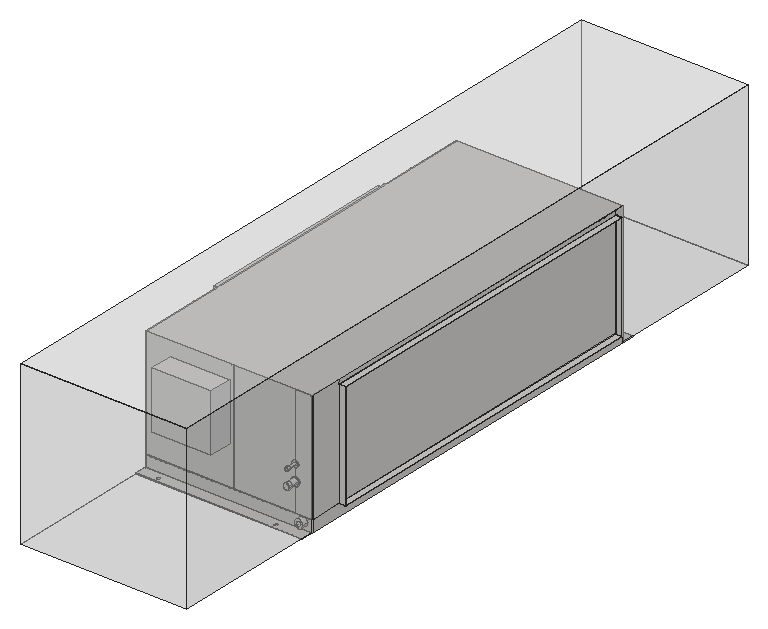
Revit family "outputfile", category 機械設備, Revit 2024
Family settings
  丸型コネクタ寸法 = 半径を使用
  パーツ タイプ = 標準
  OmniClass 番号 = 23.75.10.24.21.27.27
  OmniClass タイトル = Split System Air Conditioning Units
  作業面ベース = いいえ
  常に垂直 = はい
  ロード時にボイドで切り取り = いいえ
  注釈の向きを維持 = いいえ
  共有 = いいえ
  部屋計算ポイント = はい
Parameters (values of type "FDR300QY14")
  Description = ""
  書き出し IFC クラス(タイプ) = "IfcUnitaryEquipmentType"
  定義済み IFC タイプ(タイプ) = "AIRCONDITIONINGUNIT"
  Cost = 0
  Type Comments = ""
  Keynote = ""
  Type Image = (empty or 0)
  Assembly Code = ""
  angle_Drain Pipe [instance] = if(Rear Connection_drainpipe, -90.00°, 90.00°)  # 90.00°
  製造元 = "Daikin"
  モデル = "FDR300QY14"
  w2 = if(Depth = 2195.0 mm, 0.0 mm, if(Depth = 1980.0 mm, 0.0 mm, 352.0 mm))  # 0.0 mm
  w1 = if(Depth = 2195.0 mm, 0.0 mm, if(Depth = 1980.0 mm, 1.0 mm, 20.0 mm))  # 1.0 mm
  switch_frequency = yes
  r_Liquid Pipe Size = Liquid Pipe Size / 2  # 6.35 mm
  r_Gas Pipe Size = Gas Pipe Size / 2  # 14.3 mm
  r_Drain Pipe Size = Drain Pipe Size / 2  # 12.7 mm
  r_D = if(Depth = 2195.0 mm, 41.5 mm, if(Depth = 1980.0 mm, 41.5 mm, 34.5 mm))  # 41.5 mm
  lw_power = if(Depth = 2195.0 mm, Width / 2 - 249.0 mm, if(Depth = 1980.0 mm, Width / 2 - 128.0 mm, Width / 2 - 138.0 mm))  # 297.0 mm
  lw_mountinghole = if(Depth = 2195.0 mm, 100.0 mm, if(Depth = 1980.0 mm, 100.0 mm, if(Depth = 1330.0 mm, 59.0 mm, 59.0 mm)))  # 100.0 mm
  lh_SA = if(Depth = 2195.0 mm, 263.0 mm + SA Duct Size Height / 2, if(Depth = 1980.0 mm, 257.0 mm + SA Duct Size Height / 2, 156.0 mm + SA Duct Size Height / 2))  # 431.5 mm
  ld_SA = if(Depth = 2195.0 mm, 570.0 mm + SA Duct Size Width / 2, if(Depth = 1980.0 mm, 479.0 mm + SA Duct Size Width / 2, 128.0 mm + SA Duct Size Width / 2))  # 1001.5 mm
  ld_RA = if(Depth = 2195.0 mm, 171.0 mm + RA Duct Size Width / 2, if(Depth = 1980.0 mm, 169.0 mm + RA Duct Size Width / 2, 128.0 mm + RA Duct Size Width / 2))  # 1051.0 mm
  lh_power = if(Depth = 2195.0 mm, 490.0 mm, if(Depth = 1980.0 mm, 300.0 mm, 200.0 mm))  # 300.0 mm
  lh_RA = if(Depth = 2195.0 mm, 60.0 mm + RA Duct Size Height / 2, if(Depth = 1980.0 mm, 61.0 mm + RA Duct Size Height / 2, 156.0 mm + RA Duct Size Height / 2))  # 333.0 mm
  ld_power = if(Depth = 2195.0 mm, 75.8 mm, if(Depth = 1980.0 mm, 70.0 mm, 76.6 mm))  # 70.0 mm
  l_SA = if(Depth = 2195.0 mm, 36.0 mm, if(Depth = 1980.0 mm, 35.0 mm, 39.0 mm))  # 35.0 mm
  l_RA = if(Depth = 2195.0 mm, 36.0 mm, if(Depth = 1980.0 mm, 35.0 mm, 39.0 mm))  # 35.0 mm
  d = if(Depth = 1330.0 mm, 20.0 mm, 0.0 mm)  # 0.0 mm
  connector_voltage = Voltage_50Hz  # 400 V
  connector_powerinput = [Power Input (Cooling)]  # 11.190 kW
  connector_phase = Phase_50Hz  # 3
  Voltage_comment_50Hz = "380 - 415"
  Voltage_50Hz = 400 V
  URL = ""
  Supply Air Direction [instance] = yes
  Sound Power Level_H speed (dB) = 0
  Rear Connection_drainpipe [instance] = not(Front Connection_drainpipe)  # no
  Phase_50Hz = 3
  Minimum External Static Pressure = 0.00 Pa
  Minimum Circuit Amps_50Hz = 4.4 A
  Maximum Fuse Amps_50Hz = 16.0 A
  Maximum External Static Pressure = 150.00 Pa
  Material_Casing = DAIKIN_GalvanizedSteel_Casing_indoorunit
  lw_mountinghole_pitch = if(Depth = 2195.0 mm, 600.0 mm, if(Depth = 1980.0 mm, 600.0 mm, if(Depth = 1330.0 mm, 732.0 mm, 732.0 mm)))  # 600.0 mm
  lh_gaspipe = if(Depth = 2195.0 mm, 205.0 mm, if(Depth = 1980.0 mm, 205.0 mm, 187.0 mm))  # 205.0 mm
  lh_mountinghole = if(Depth = 2195.0 mm, 0.0 mm, if(Depth = 1980.0 mm, 0.0 mm, if(Depth = 1330.0 mm, 495.0 mm, 495.0 mm)))  # 0.0 mm
  lh_liquidpipe = if(Depth = 2195.0 mm, 285.0 mm, if(Depth = 1980.0 mm, 285.0 mm, 187.0 mm))  # 285.0 mm
  lh_drainpipe = if(Depth = 2195.0 mm, 38.0 mm, if(Depth = 1980.0 mm, 38.0 mm, 32.0 mm))  # 38.0 mm
  l_antena = Height - lh_mountinghole + 1.0 mm  # 626.0 mm
  ld_drainpipe = if(Depth = 2195.0 mm, Depth / 2 + 29.0 mm, if(Depth = 1980.0 mm, Depth / 2 + 29.0 mm, Depth / 2 + 9.0 mm))  # 1019.0 mm
  ld_liquidpipe = if(Depth = 2195.0 mm, Depth / 2 + 55.0 mm, if(Depth = 1980.0 mm, Depth / 2 + 55.0 mm, Depth / 2 + 60.0 mm))  # 1045.0 mm
  ld_gaspipe = if(Depth = 2195.0 mm, Depth / 2 + 55.0 mm, if(Depth = 1980.0 mm, Depth / 2 + 55.0 mm, Depth / 2 + 58.0 mm))  # 1045.0 mm
  ld_mountinghole_pitch = if(Depth = 2195.0 mm, 2280.0 mm, if(Depth = 1980.0 mm, 2070.0 mm, 1386.0 mm))  # 2070.0 mm
  h*** = 0.0 mm  # constant formula
  lw_liquidpipe = if(Depth = 2195.0 mm, 83.0 mm, if(Depth = 1980.0 mm, 87.0 mm, 126.0 mm))  # 87.0 mm
  lw_gaspipe = if(Depth = 2195.0 mm, 83.0 mm, if(Depth = 1980.0 mm, 87.0 mm, 47.0 mm))  # 87.0 mm
  lw_drainpipe = if(Depth = 2195.0 mm, 43.0 mm, if(Depth = 1980.0 mm, 45.0 mm, 46.0 mm))  # 45.0 mm
  Width = 850.0 mm
  Version = "ver.1.0"
  Unit Type = "Duct"
  Unit Mass Weight = 177.00 kg
  Unit Designation [instance] = ""
  Uniclass2015Version = "Products v1.30"
  Uniclass2015Title = "Split coil room air conditioning units"
  Uniclass2015Code = "Pr_70_65_03_86"
  Total Cooling Capacity [instance] = 0.000 kW
  Sound Pressure Level_M speed (dBA) = 0
  Sound Pressure Level_L speed (dBA) = 0
  Sound Pressure Level_H speed (dBA) = 59
  Series = "Package Aircon_Fan Coil Unit"
  Sensible Cooling Capacity [instance] = 0.000 kW
  SA Duct Size Width = 1045.0 mm
  SA Duct Size Height = 349.0 mm
  Refrigerant Type = "R410A"
  RA Duct Size Width = 1764.0 mm
  RA Duct Size Height = 544.0 mm
  Power Input (Cooling) = 11.190 kW
  Option Accessory 3 [instance] = ""
  Option Accessory 2 [instance] = ""
  Option Accessory 1 [instance] = ""
  Nominal Cooling Capacity = 34.700 kW
  Minimum Airflow = 0.00 m³/h
  Median Airflow = 0.00 m³/h
  Maximum Airflow = 7200.00 m³/h
  Load Classification = HVAC
  Liquid Pipe Size = 12.7 mm
  Link_Nested Family [instance] = ""
  Front Connection_drainpipe [instance] = yes
  IfcVersion = ""
  IfcExportType = "AIRCONDITIONINGUNIT"
  IfcExportAs = "IfcUnitaryEquipmentType"
  Height = 625.0 mm
  Heat Exchanger Type = "Cross Fin Coil"
  Gas Pipe Size = 28.6 mm
  Frequency_50Hz = 50 Hz
  Fan Type = "Sirocco Fan"
  Fan Drive = "-"
  FCU Tag No. [instance] = ""
  Drain Pipe Size = 25.4 mm
  Design Supply Airflow [instance] = 0.00 m³/h
  Design Return Airflow [instance] = 0.00 m³/h
  Design External Static Pressure [instance] = 0.00 Pa
  Depth = 1980.0 mm
  既定の高さ = 0.0 mm
  Cooling Entering Wet Bulb Temperature [instance] = 0.00 °C
  Cooling Entering Dry Bulb Temperature [instance] = 0.00 °C
  Cooling Ambient Wet Bulb Temperature [instance] = 0.00 °C
  Cooling Ambient Dry Bulb Temperature [instance] = 0.00 °C
  Clearance visibility [instance] = yes
  Clearance Top = 200.0 mm
  Clearance Right = 0.0 mm
  Clearance Rear = 800.0 mm
  Clearance Left = 0.0 mm
  Clearance Front = 800.0 mm
  Clearance Bottom = 0.0 mm
  A = if(Depth = 2195.0 mm, 60.0 mm, if(Depth = 1980.0 mm, 61.0 mm, 63.0 mm))  # 61.0 mm
  300-500 = not([200/250])  # yes
  200/250 = Depth = 1330.0 mm  # no
Reference planes
  plane 1 "Center (Front/Back)": y = 0
  plane 2 "h": z = 0
  plane 3 "Center (Left/Right)": x = 0
  plane 4 "Back": y = 990
  plane 5 "Front": y = -990
  plane 6 "Left": x = -425
  plane 7 "Right": x = 425
  plane 8 "Top": z = 0
  plane 9 "Bottom": z = -625
  plane 10: y = 1790
  plane 11: y = -1790
  plane 12: x = -425
  plane 13: x = 425
  plane 14: z = 200
  plane 15: z = -625
  plane 16 "ld_RA": y = 61
  plane 17 "lh_RA": z = -292
  plane 18 "ld_gaspipe": y = -1045
  plane 19 "ld_drainpipe": y = -1019
  plane 20 "lw_drainpipe": x = 380
  plane 21 "lw_liquidpipe": x = 338
  plane 22 "lw_gaspipe": x = 338
  plane 23 "lw_mountinghole": x = -325
  plane 24 "lw_mountinghole1": x = 275
  plane 25 "ld_mountinghole": y = -1035
  plane 26 "ld_mountinghole1": y = 1035
  plane 27 "lh_mountinghole": z = -625
  plane 28 "lh_SA": z = -193.5
  plane 29 "ld_liquidpipe": y = -1045
  plane 30 "ld_power": y = -1060
  plane 31 "ld_drainpipe1": y = 1019
  plane 32 "ld_SA": y = 11.5
  plane 33 "A": z = -564
  plane 34: y = 990
  plane 35: y = -990
  plane 36: x = -424
  plane 37: x = 425
  plane 38: z = -587
  plane 39: z = -587
Forms (mm)
  Extrusion 1, solid, material "DAIKIN_GalvanizedSteel_Casing_indoorunit" <- "Material_Casing"
    sketch origin (0, 0, -625) x (-1, 0, 0) y (0, -1, 0)
      loop
        line (424, -990) -> (424, 990) -> (-425, 990) -> (-425, -990) -> (424, -990)
    from 625 to 61
  Extrusion 2, solid, material "DAIKIN_GalvanizedSteel_Casing_indoorunit" <- "Material_Casing"
    sketch origin (0, 0, -625) x (-1, 0, 0) y (0, -1, 0)
      loop
        line (424, -990) -> (424, 990) -> (-425, 990) -> (-425, -990) -> (424, -990)
    from 0 to 61
  Extrusion 3, solid, material "DAIKIN_GalvanizedSteel_Casing_indoorunit" <- "Material_Casing", visible <- "200/250"
    sketch origin (0, 0, 0) x (1, 0, 0) y (0, 0, 1)
      loop
        line (84.8, -564) -> (84.8, -625) -> (419.6, -625) -> (419.6, -564) -> (84.8, -564)
    from -990 to 990
  Extrusion 4, solid, material "DAIKIN_GalvanizedSteel_Casing_indoorunit" <- "Material_Casing", visible <- "Front Connection_drainpipe"
    sketch origin (425, -990, -625) x (-1, 0, 0) y (0, 0, -1)
      loop
        circle (45, -38) r 20.75
      loop
        circle (45, -38) r 12.7
    from 0 to 29
  Extrusion 5, solid, material "DAIKIN_GalvanizedSteel_Casing_indoorunit" <- "Material_Casing", visible <- "Rear Connection_drainpipe"
    sketch origin (-424, 990, -625) x (1, 0, 0) y (0, 0, -1)
      loop
        circle (804, -38) r 20.75
      loop
        circle (804, -38) r 12.7
    from 0 to 29
Dimensions and locks
  "Height": plane 8 "Top" to plane 9 "Bottom"
  equal spacing: plane 4 "Back", plane 1 "Center (Front/Back)", plane 5 "Front"
  "Depth": plane 4 "Back" to plane 5 "Front"
  equal spacing: plane 6 "Left", plane 3 "Center (Left/Right)", plane 7 "Right"
  "Width": plane 6 "Left" to plane 7 "Right"
  "Clearance Left": plane 12 to plane 6 "Left"
  "Clearance Right": plane 7 "Right" to plane 13
  "Clearance Rear": plane 10 to plane 4 "Back"
  "Clearance Front": plane 5 "Front" to plane 11
  "Clearance Top": plane 14 to plane 8 "Top"
  "Clearance Bottom": plane 9 "Bottom" to plane 15
  "ld_RA": plane 16 "ld_RA" to plane 5 "Front"
  "lh_RA": plane 17 "lh_RA" to plane 9 "Bottom"
  "lw_drainpipe": plane 20 "lw_drainpipe" to plane 7 "Right"
  "lw_liquidpipe": plane 21 "lw_liquidpipe" to plane 7 "Right"
  "lw_gaspipe": plane 22 "lw_gaspipe" to plane 7 "Right"
  "lw_mountinghole_pitch": plane 23 "lw_mountinghole" to plane 24 "lw_mountinghole1"
  equal spacing: plane 25 "ld_mountinghole", plane 1 "Center (Front/Back)", plane 26 "ld_mountinghole1"
  "ld_mountinghole_pitch": plane 26 "ld_mountinghole1" to plane 25 "ld_mountinghole"
  "lh_mountinghole": plane 27 "lh_mountinghole" to plane 9 "Bottom"
  "lh_SA": plane 28 "lh_SA" to plane 9 "Bottom"
  "h***": plane 8 "Top" to plane 2 "h"
  "lw_mountinghole": plane 6 "Left" to plane 23 "lw_mountinghole"
  "ld_drainpipe": plane 31 "ld_drainpipe1" to plane 1 "Center (Front/Back)"
  "ld_drainpipe": plane 1 "Center (Front/Back)" to plane 19 "ld_drainpipe"
  "ld_power": plane 5 "Front" to plane 30 "ld_power"
  "ld_liquidpipe": plane 29 "ld_liquidpipe" to plane 1 "Center (Front/Back)"
  "ld_gaspipe": plane 18 "ld_gaspipe" to plane 1 "Center (Front/Back)"
  "ld_SA": plane 32 "ld_SA" to plane 5 "Front"
  "A": plane 33 "A" to plane 9 "Bottom"
  "w1": plane 6 "Left" to plane 36
  "d": plane 4 "Back" to plane 34
  "d": plane 35 to plane 5 "Front"
  "w2": plane 37 to plane 7 "Right"
  locked: plane 6 "Left" to Extrusion 1 sketch curve at 1
  locked: Extrusion 3 sketch curve to Extrusion 3 sketch curve at 334.8
  locked: Extrusion 3 sketch curve to plane 7 "Right" at 5.4
  "lh_drainpipe": plane 38 to plane 9 "Bottom"
  "lh_drainpipe": plane 39 to plane 9 "Bottom"
  "r_D": diameter of Extrusion 4 sketch curve
  "Drain Pipe Size": diameter of Extrusion 4 sketch curve
  "Drain Pipe Size": diameter of Extrusion 5 sketch curve
  "r_D": diameter of Extrusion 5 sketch curve
  aligned and locked: level to plane 2 "h"
  aligned and locked: nested 4 to plane 11
  aligned and locked: nested 4 to plane 12  (x2)
  aligned and locked: nested 4 to plane 13
  aligned and locked: plane 10 to nested 4
  aligned and locked: plane 14 to nested 4
  aligned and locked: plane 15 to nested 4
  aligned and locked: nested 2 to plane 21 "lw_liquidpipe"
  aligned and locked: nested 1 to plane 22 "lw_gaspipe"
  aligned and locked: nested 1 to plane 18 "ld_gaspipe"
  aligned and locked: plane 23 "lw_mountinghole" to nested 6
  aligned and locked: nested 6 to plane 26 "ld_mountinghole1"
  aligned and locked: plane 24 "lw_mountinghole1" to nested 5
  aligned and locked: nested 5 to plane 26 "ld_mountinghole1"
  aligned and locked: plane 24 "lw_mountinghole1" to nested 8
  aligned and locked: plane 25 "ld_mountinghole" to nested 8
  aligned and locked: plane 25 "ld_mountinghole" to nested 7
  aligned and locked: plane 23 "lw_mountinghole" to nested 7
  aligned and locked: nested 2 to plane 29 "ld_liquidpipe"
  aligned and locked: plane 28 "lh_SA" to nested 9
  aligned and locked: nested 3 to plane 3 "Center (Left/Right)"
  aligned and locked: plane 1 "Center (Front/Back)" to nested 3
  aligned and locked: nested 11 to plane 3 "Center (Left/Right)"
  aligned and locked: nested 11 to plane 30 "ld_power"
  aligned and locked: nested 9 to plane 6 "Left"
  aligned and locked: nested 9 to plane 32 "ld_SA"
  aligned and locked: plane 7 "Right" to nested 10
  aligned and locked: plane 16 "ld_RA" to nested 10
  aligned and locked: plane 7 "Right" to nested 12
  aligned and locked: nested 12 to plane 1 "Center (Front/Back)"
  aligned and locked: plane 1 "Center (Front/Back)" to nested 13
  aligned and locked: nested 13 to plane 6 "Left"
  aligned and locked: plane 9 "Bottom" to nested 13
  aligned and locked: Extrusion 1 sketch curve to plane 4 "Back"
  aligned and locked: plane 5 "Front" to Extrusion 1 sketch curve
  aligned and locked: Extrusion 1 sketch curve to plane 7 "Right"
  aligned and locked: Extrusion 1 to plane 8 "Top"
  aligned and locked: Extrusion 1 to plane 33 "A"
  aligned and locked: Extrusion 2 sketch curve to plane 34
  aligned and locked: plane 36 to Extrusion 2 sketch curve
  aligned and locked: plane 35 to Extrusion 2 sketch curve
  aligned and locked: Extrusion 2 sketch curve to plane 37
  aligned and locked: plane 33 "A" to Extrusion 2
  aligned and locked: Extrusion 2 to plane 9 "Bottom"
  aligned and locked: plane 25 "ld_mountinghole" to nested 14
  aligned and locked: nested 15 to plane 26 "ld_mountinghole1"
  aligned and locked: plane 23 "lw_mountinghole" to nested 14
  aligned and locked: nested 15 to plane 23 "lw_mountinghole"
  aligned and locked: plane 9 "Bottom" to nested 15
  aligned and locked: nested 14 to plane 9 "Bottom"
  aligned and locked: plane 23 "lw_mountinghole" to nested 16
  aligned and locked: plane 24 "lw_mountinghole1" to nested 17
  aligned and locked: nested 16 to plane 25 "ld_mountinghole"
  aligned and locked: nested 17 to plane 25 "ld_mountinghole"
  aligned and locked: nested 18 to plane 26 "ld_mountinghole1"
  aligned and locked: nested 19 to plane 26 "ld_mountinghole1"
  aligned and locked: nested 19 to plane 24 "lw_mountinghole1"
  aligned and locked: nested 18 to plane 23 "lw_mountinghole"
  aligned and locked: plane 27 "lh_mountinghole" to nested 18
  aligned and locked: plane 27 "lh_mountinghole" to nested 16
  aligned and locked: plane 27 "lh_mountinghole" to nested 19
  aligned and locked: plane 27 "lh_mountinghole" to nested 17
  aligned and locked: plane 8 "Top" to nested 12
  aligned and locked: Extrusion 3 sketch curve to plane 33 "A"
  aligned and locked: plane 9 "Bottom" to Extrusion 3 sketch curve
  aligned and locked: Extrusion 2 to Extrusion 3  (x2)
  aligned and locked: nested 20 to plane 5 "Front"
  aligned and locked: plane 3 "Center (Left/Right)" to nested 20
  aligned and locked: plane 9 "Bottom" to nested 20
  aligned and locked: Extrusion 4 sketch curve to plane 20 "lw_drainpipe"  (x2)
  aligned and locked: plane 38 to Extrusion 4 sketch curve  (x2)
  aligned and locked: Extrusion 4 to plane 19 "ld_drainpipe"
  aligned and locked: Extrusion 5 sketch curve to plane 20 "lw_drainpipe"  (x2)
  aligned and locked: plane 39 to Extrusion 5 sketch curve  (x2)
  aligned and locked: plane 31 "ld_drainpipe1" to Extrusion 5
  aligned and locked: plane 1 "Center (Front/Back)" to nested 21
  aligned and locked: nested 21 to plane 20 "lw_drainpipe"
Nested families
  nested 1: "daikin_connector_rotate2" at (338, 0, -420), length <- "ld_gaspipe", built-in parameter 1001364 <- "lh_gaspipe", radius <- "r_Gas Pipe Size", type "daikin_connector_rotate2"
    with radius 14.3 mm, length 1045.0 mm, angle_vertical 90.00°
  nested 2: "daikin_connector_rotate2" at (338, 0, -340), length <- "ld_liquidpipe", built-in parameter 1001364 <- "lh_liquidpipe", radius <- "r_Liquid Pipe Size", type "daikin_connector_rotate2"
    with radius 6.35 mm, length 1045.0 mm, angle_vertical 90.00°
  nested 3: "daikin_△_symbolicline" at (0, 0, 625) x (0, -1, 0) z (0, 0, 1), built-in parameter 1001364 <- "Height", visible <- "Supply Air Direction", type "daikin_△_symbolicline"
    with length 250.0 mm
  nested 4: "daikin_clearancespace" at (0, 0, -212.381), visible <- "Clearance visibility", show <- "Clearance visibility", Link_Nested Family <- "Link_Nested Family", type "daikin_clearancespace"
    with width 850.0 mm, show yes, height 825.0 mm, depth 3580.0 mm, Link_Nested Family ""
  nested 5: "daikin_mountinghole" at (275, 1035, -625), l_antenna <- "l_antena", Link_Nested Family <- "Link_Nested Family", h_mountinghole <- "lh_mountinghole", type "daikin_mountinghole"
    with show yes, l_antenna 626.0 mm, h_mountinghole 0.0 mm, Link_Nested Family ""
  nested 6: "daikin_mountinghole" at (-325, 1035, -625), l_antenna <- "l_antena", Link_Nested Family <- "Link_Nested Family", h_mountinghole <- "lh_mountinghole", type "daikin_mountinghole"
    with show yes, l_antenna 626.0 mm, h_mountinghole 0.0 mm, Link_Nested Family ""
  nested 7: "daikin_mountinghole" at (-325, -1035, -625), h_mountinghole <- "lh_mountinghole", l_antenna <- "l_antena", Link_Nested Family <- "Link_Nested Family", type "daikin_mountinghole"
    with show yes, l_antenna 626.0 mm, h_mountinghole 0.0 mm, Link_Nested Family ""
  nested 8: "daikin_mountinghole" at (275, -1035, -625), h_mountinghole <- "lh_mountinghole", l_antenna <- "l_antena", Link_Nested Family <- "Link_Nested Family", type "daikin_mountinghole"
    with show yes, l_antenna 626.0 mm, h_mountinghole 0.0 mm, Link_Nested Family ""
  nested 9: "daikin_connector_rotate2" at (-425, 11.5, -193.5) x (0, -1, 0) z (0, 0, 1), built-in parameter 1001364 <- "lh_SA", length <- "l_SA", type "daikin_connector_rotate2"
    with radius 10.0 mm, length 35.0 mm, angle_vertical 90.00°
  nested 10: "daikin_connector_rotate2" at (425, 61, -292) x (0, 1, 0) z (0, 0, 1), built-in parameter 1001364 <- "lh_RA", length <- "l_RA", type "daikin_connector_rotate2"
    with radius 10.0 mm, length 35.0 mm, angle_vertical 90.00°
  nested 11: "daikin_connector_rotate2" at (0, -1060, -325) x (0, -1, 0) z (0, 0, 1), length <- "lw_power", built-in parameter 1001364 <- "lh_power", type "daikin_connector_rotate2"
    with radius 10.0 mm, length 297.0 mm, angle_vertical 90.00°
  nested 12: "daikin_RA ductflange_FDR-QY14" at (425, 0, -625) x (0, 1, 0) z (0, 0, 1), type "daikin_RA ductflange_FDR-QY14"
    with lh_RA 61.0 mm, ld_RA 169.0 mm, l_RA 35.0 mm, a 61.0 mm, RA Duct Size Width 1764.0 mm, RA Duct Size Height 544.0 mm, Depth 1980.0 mm, Height 625.0 mm
  nested 13: "daikin_SA ductflange_FDR-QY14" at (-425, 0, -625) x (0, -1, 0) z (0, 0, 1), type "daikin_SA ductflange_FDR-QY14"
    with lh_SA 257.0 mm, ld_SA 479.0 mm, l_SA 35.0 mm, a 61.0 mm, SA Duct Size Width 1045.0 mm, SA Duct Size Height 349.0 mm, Depth 1980.0 mm, Height 625.0 mm, t 1.0 mm, 300/400 yes, 200/250以外 yes, 200/250 no
  nested 14: "daikin_anchor boltsfixture_FDR-QY14" at (-325, -1035, -625), visible <- "300-500", type "daikin_anchor boltsfixture_FDR-QY14"
    with b 45.0 mm, a 61.0 mm, Width 850.0 mm, Height 625.0 mm
  nested 15: "daikin_anchor boltsfixture_FDR-QY14" at (-325, 1035, -625), visible <- "300-500", type "daikin_anchor boltsfixture_FDR-QY14"
    with b 45.0 mm, a 61.0 mm, Width 850.0 mm, Height 625.0 mm
  nested 16: "daikin_hangerfixture_FDR-QY14" at (-325, -1035, -625) x (0, 1, 0) z (0, 0, 1), visible <- "200/250", type "daikin_hangerfixture_FDR-QY14"
  nested 17: "daikin_hangerfixture_FDR-QY14" at (275, -1035, -625) x (0, 1, 0) z (0, 0, 1), visible <- "200/250", type "daikin_hangerfixture_FDR-QY14"
  nested 18: "daikin_hangerfixture_FDR-QY14" at (-325, 1035, -625) x (0, -1, 0) z (0, 0, 1), visible <- "200/250", type "daikin_hangerfixture_FDR-QY14"
  nested 19: "daikin_hangerfixture_FDR-QY14" at (275, 1035, -625) x (0, -1, 0) z (0, 0, 1), visible <- "200/250", type "daikin_hangerfixture_FDR-QY14"
  nested 20: "daikin_rightpanel_FDR-QY14" at (0, -990, -625), material <- "Material_Casing", type "daikin_rightpanel_FDR-QY14"
    with material DAIKIN_GalvanizedSteel_Casing_indoorunit, 外径_gaspipe 31.1 mm, 内径_gaspipe 28.6 mm, switch_unit_300/400 yes, switch_unit_200/250 no, lw_liquidpipe 87.0 mm, lw_gaspipe 87.0 mm, lw_control box 128.0 mm, lh_liquidpipe 285.0 mm, lh_gaspipe 205.0 mm, lh_control box 261.0 mm, ld_liquidpipe 55.0 mm, 外径_liquidpipe 17.8 mm, 内径_liquidpipe 12.7 mm, ld_gaspipe 55.0 mm, height 625.0 mm, h_control box 291.6 mm, depth 1980.0 mm
  nested 21: "daikin_connector_rotate2" at (380, 0, -587), built-in parameter 1001364 <- "lh_drainpipe", length <- "ld_drainpipe", radius <- "r_Drain Pipe Size", angle_vertical <- "angle_Drain Pipe", type "daikin_connector_rotate2"
    with radius 12.7 mm, length 1019.0 mm, angle_vertical 90.00°
Connectors
  piping at (338, -1045, -420), diameter 28.6, driven by "r_Gas Pipe Size"
    settings: on nested 1, index 4, connector inside diameter 609.6 mm, connector length 0.0 mm, flow factor 0, pipe flow 0.00 m³/h, pressure drop 0.0 Pa, fitting loss kfactor 0, connector angle 0.00°, fixture units 0, engagement length 0.0 mm, angle of deflection 0.00°, flow configuration 1, flow direction 2, fitting loss method 0, system type 29, joint type 0, gender type 0, connector reference index -1, connector utility 0, adjustable connector no, is connector primary yes, connector description "Refrigerant Gas Piping"
  piping at (338, -1045, -340), diameter 12.7, driven by "r_Liquid Pipe Size"
    settings: on nested 2, index 5, connector inside diameter 609.6 mm, connector length 0.0 mm, flow factor 0, pipe flow 0.00 m³/h, pressure drop 0.0 Pa, fitting loss kfactor 0, connector angle 0.00°, fixture units 0, engagement length 0.0 mm, angle of deflection 0.00°, flow configuration 1, flow direction 1, fitting loss method 0, system type 29, joint type 0, gender type 0, connector reference index -1, connector utility 0, adjustable connector no, is connector primary no, connector description "Refrigerant Liquid Piping"
  hvac at (-460, 11.5, -193.5), driven by "SA Duct Size Height", driven by "SA Duct Size Width"
    settings: on nested 9, index 7, duct flow 0.00 m³/h, flow factor 0, pres drop 0.00 Pa, loss coef 0, conn angle 0.00°, conn width 1045.0 mm, conn height 349.0 mm, conn diameter 609.6 mm, duct sys type 1, conn prof type 1, flow config 0, flow direction 2, loss method 4, conn ref index -1, conn util no, is conn primary yes, conn desc "SA Duct"
  hvac at (460, 61, -292), driven by "RA Duct Size Height", driven by "RA Duct Size Width"
    settings: on nested 10, index 8, duct flow 0.00 m³/h, flow factor 0, pres drop 0.00 Pa, loss coef 0, conn angle 0.00°, conn width 1764.0 mm, conn height 544.0 mm, conn diameter 609.6 mm, duct sys type 2, conn prof type 1, flow config 0, flow direction 1, loss method 4, conn ref index -1, conn util no, is conn primary no, conn desc "RA Duct"
  electrical at (-297, -1060, -325), driven by "connector_phase", driven by "Load Classification", driven by "connector_voltage", driven by "connector_powerinput"
    settings: on nested 11, index 9, voltage 400 V, apparent load 11190 VA, apparent load phase1 0 VA, apparent load phase2 0 VA, apparent load phase3 0 VA, power factor 1, load classification "HVAC", number of poles 3, system type 30, power factor state 1, is connector primary yes, connector utility no, sub classification motor no, connector description "Power Supply"
  piping at (380, -1019, -587), diameter 25.4, driven by "r_Drain Pipe Size"
    settings: on nested 21, index 10, connector inside diameter 609.6 mm, connector length 0.0 mm, flow factor 0, pipe flow 0.00 m³/h, pressure drop 0.0 Pa, fitting loss kfactor 0, connector angle 0.00°, fixture units 0, engagement length 0.0 mm, angle of deflection 0.00°, flow configuration 1, flow direction 2, fitting loss method 4, system type 16, joint type 0, gender type 0, connector reference index -1, connector utility 0, adjustable connector no, is connector primary no, connector description "Condensate Drain Piping"
Definition of nested family "daikin_clearancespace"
  Parameters (values of type "daikin_clearancespace")
    Description = "daikin_clearancespace"
    width [instance] = 1823.963 mm
    show [instance] = yes
    material = none
    height [instance] = 1359.762 mm
    depth [instance] = 880.0 mm
    Default Elevation = 0.0 mm
    Link_Nested Family [instance] = ""
  Reference planes
    plane 1 "Center (Front/Back)": y = 0
    plane 2 "Center (Elevation)": z = -0.119
    plane 3 "Center (Left/Right)": x = 0
    plane 4: y = 440
    plane 5: y = -440
    plane 6 "Right": x = 911.982
    plane 7 "Left": x = -911.982
    plane 8 "Top": z = 679.762
    plane 9 "Bottom": z = -680
  Forms (mm)
    Extrusion 1, solid, material <- "material", visible <- "show"
      sketch origin (0, 0, 0) x (1, 0, 0) y (0, 1, 0)
        loop
          line (-911.982, 440) -> (-911.982, -440) -> (911.982, -440) -> (911.982, 440) -> (-911.982, 440)
      from -680 to 679.762
  Lines and regions (mm)
    symbolic lines, visible <- "show"
      curve 1: line (911.982, 440, 0) -> (-911.982, 440, 0)
      curve 2: line (-911.982, 440, 0) -> (-911.982, -440, 0)
      curve 3: line (-911.982, -440, 0) -> (911.982, -440, 0)
      curve 4: line (911.982, -440, 0) -> (911.982, 440, 0)
      curve 5: line (911.982, 0, 679.762) -> (-911.982, 0, 679.762)
      curve 6: line (911.982, 0, -680) -> (911.982, 0, 679.762)
      curve 7: line (-911.982, 0, -680) -> (911.982, 0, -680)
      curve 8: line (-911.982, 0, 679.762) -> (-911.982, 0, -680)
      curve 9: line (0, 440, 679.762) -> (0, -440, 679.762)
      curve 10: line (0, -440, 679.762) -> (0, -440, -680)
      curve 11: line (0, 440, -680) -> (0, 440, 679.762)
      curve 12: line (0, -440, -680) -> (0, 440, -680)
  Dimensions and locks
    "width": plane 7 "Left" to plane 6 "Right"
    "depth": plane 4 to plane 5
    "height": plane 8 "Top" to plane 9 "Bottom"
    equal spacing: plane 7 "Left", plane 3 "Center (Left/Right)", plane 6 "Right"
    equal spacing: plane 4, plane 1 "Center (Front/Back)", plane 5
    equal spacing: plane 8 "Top", plane 2 "Center (Elevation)", plane 9 "Bottom"
    aligned and locked: level to plane 2 "Center (Elevation)"
    aligned and locked: Extrusion 1 sketch curve to plane 4
    aligned and locked: plane 7 "Left" to Extrusion 1 sketch curve
    aligned and locked: Extrusion 1 sketch curve to plane 5
    aligned and locked: Extrusion 1 sketch curve to plane 6 "Right"
    aligned and locked: plane 8 "Top" to Extrusion 1
    aligned and locked: curve 1 to Extrusion 1
    aligned and locked: curve 2 to Extrusion 1
    aligned and locked: curve 3 to Extrusion 1
    aligned and locked: curve 4 to Extrusion 1
    aligned and locked: curve 5 to Extrusion 1
    aligned and locked: curve 6 to Extrusion 1
    aligned and locked: curve 7 to Extrusion 1
    aligned and locked: curve 8 to Extrusion 1
    aligned and locked: curve 9 to Extrusion 1
    aligned and locked: curve 10 to Extrusion 1
    aligned and locked: curve 11 to Extrusion 1
    aligned and locked: curve 12 to Extrusion 1
    aligned and locked: Extrusion 1 to plane 9 "Bottom"
Definition of nested family "daikin_RA ductflange_FDR-QY14"
  Parameters (values of type "daikin_RA ductflange_FDR-QY14")
    lh_RA = if(Depth = 2195.0 mm, 60.0 mm, if(Depth = 1980.0 mm, 61.0 mm, 156.0 mm))  # 60.0 mm
    ld_RA = if(Depth = 2195.0 mm, 171.0 mm, if(Depth = 1980.0 mm, 169.0 mm, 128.0 mm))  # 171.0 mm
    l_RA = if(Depth = 2195.0 mm, 36.0 mm, if(Depth = 1980.0 mm, 35.0 mm, 39.0 mm))  # 36.0 mm
    a = if(Depth = 2195.0 mm, 60.0 mm, if(Depth = 1980.0 mm, 61.0 mm, 63.0 mm))  # 60.0 mm
    RA Duct Size Width = if(Depth = 2195.0 mm, 1974.0 mm, if(Depth = 1980.0 mm, 1764.0 mm, 1074.0 mm))  # 1974.0 mm
    RA Duct Size Height = if(Depth = 2195.0 mm, 679.0 mm, if(Depth = 1980.0 mm, 544.0 mm, 294.0 mm))  # 679.0 mm
    Depth = 2195.0 mm
    material = none
    Height = 760.0 mm
    t = if(Depth = 1330.0 mm, 0.8 mm, 1.0 mm)  # 1.0 mm
    Default Elevation = 0.0 mm
    200/250 = Depth = 1330.0 mm  # no
  Reference planes
    plane 1 "Center (Front/Back)": y = 0
    plane 2: z = 0
    plane 3 "Center (Left/Right)": x = 0
    plane 4: x = -1097.5
    plane 5: x = 1097.5
    plane 6: z = 760
    plane 7: z = 739
    plane 8 "a": z = 60
    plane 9: x = -926.5
    plane 10: x = 1047.5
    plane 11: x = -925.5
    plane 12: x = 1046.5
    plane 13: z = 60
    plane 14: y = -36
    plane 15: y = 1
    plane 16: x = -925.5
    plane 17: x = 1046.5
  Forms (mm)
    Extrusion 1, solid, material <- "material"
      sketch origin (0, 0, 0) x (1, 0, 0) y (0, 0, 1)
        loop
          line (-1097.5, 760) -> (-1097.5, 60) -> (-925.5, 60) -> (-925.5, 760) -> (-1097.5, 760)
      from 0 to -1
    Extrusion 2, solid, material <- "material"
      sketch origin (0, 0, 0) x (1, 0, 0) y (0, 0, 1)
        loop
          line (1097.5, 760) -> (1046.5, 760) -> (1046.5, 60) -> (1097.5, 60) -> (1097.5, 760)
      from 0 to -1
    Extrusion 3, solid, material <- "material"
      sketch origin (0, 0, 0) x (1, 0, 0) y (0, 0, 1)
        loop
          line (-926.5, 739) -> (-926.5, 60) -> (-925.5, 60) -> (-925.5, 739) -> (-926.5, 739)
        loop
          line (1046.5, 739) -> (1046.5, 60) -> (1047.5, 60) -> (1047.5, 739) -> (1046.5, 739)
      from 0 to 36
    Extrusion 4, solid, material <- "material"
      sketch origin (0, 0, 0) x (0, 1, 0) y (0, 0, 1)
        loop
          line (-36, 739) -> (-36, 738) -> (1, 738) -> (1, 760) -> (0, 760) -> (0, 739) -> (-36, 739)
        loop
          line (-36, 61) -> (-36, 60) -> (1, 60) -> (1, 61) -> (-36, 61)
      from -925.5 to 1046.5
    Extrusion 5, solid, material <- "material", visible <- "200/250"
      sketch origin (0, 0, 0) x (0, 1, 0) y (0, 0, 1)
        loop
          line (0, 60) -> (0, -33) -> (1, -33) -> (1, 60) -> (0, 60)
      from -925.5 to 1046.5
  Dimensions and locks
    equal spacing: plane 5, plane 3 "Center (Left/Right)", plane 4
    "Depth": plane 5 to plane 4
    "Height": plane 6 to plane 2
    "ld_RA": plane 9 to plane 4
    "RA Duct Size Width": plane 10 to plane 9
    "a": plane 8 "a" to plane 2
    "t": plane 11 to plane 9
    "t": plane 10 to plane 12
    "lh_RA": plane 13 to plane 2
    "RA Duct Size Height": plane 7 to plane 13
    "t": Extrusion 3 sketch curve to Extrusion 3 sketch curve  (x2)
    "l_RA": plane 14 to plane 1 "Center (Front/Back)"
    "t": plane 15 to plane 1 "Center (Front/Back)"
    "t": Extrusion 4 sketch curve to Extrusion 4 sketch curve  (x2)
    "t": plane 17 to plane 10
    "t": plane 9 to plane 16
    locked: Extrusion 5 sketch curve to Extrusion 5 sketch curve at 93
    aligned and locked: level to plane 2
    aligned and locked: Extrusion 1 sketch curve to plane 6
    aligned and locked: plane 4 to Extrusion 1 sketch curve
    aligned and locked: plane 8 "a" to Extrusion 1 sketch curve
    aligned and locked: Extrusion 1 sketch curve to plane 11
    aligned and locked: Extrusion 1 to plane 1 "Center (Front/Back)"
    aligned and locked: plane 6 to Extrusion 2 sketch curve
    aligned and locked: plane 5 to Extrusion 2 sketch curve
    aligned and locked: Extrusion 2 sketch curve to plane 8 "a"
    aligned and locked: Extrusion 2 sketch curve to plane 12
    aligned and locked: Extrusion 2 to plane 1 "Center (Front/Back)"
    aligned and locked: Extrusion 3 sketch curve to plane 7  (x2)
    aligned and locked: plane 9 to Extrusion 3 sketch curve
    aligned and locked: Extrusion 3 sketch curve to plane 10
    aligned and locked: plane 13 to Extrusion 3 sketch curve  (x2)
    aligned and locked: Extrusion 3 to plane 1 "Center (Front/Back)"
    aligned and locked: Extrusion 3 to plane 14
    aligned and locked: plane 15 to Extrusion 1
    aligned and locked: plane 15 to Extrusion 2
    aligned and locked: Extrusion 4 sketch curve to plane 7
    aligned and locked: Extrusion 4 sketch curve to plane 1 "Center (Front/Back)"
    aligned and locked: Extrusion 4 sketch curve to plane 6
    aligned and locked: Extrusion 4 sketch curve to plane 15  (x2)
    aligned and locked: plane 14 to Extrusion 4 sketch curve  (x2)
    aligned and locked: plane 13 to Extrusion 4 sketch curve
    aligned and locked: Extrusion 4 to plane 16
    aligned and locked: plane 17 to Extrusion 4
    aligned and locked: Extrusion 5 sketch curve to plane 13
    aligned and locked: Extrusion 5 sketch curve to plane 1 "Center (Front/Back)"
    aligned and locked: Extrusion 5 sketch curve to plane 15
    aligned and locked: Extrusion 5 to plane 16
    aligned and locked: plane 17 to Extrusion 5
Definition of nested family "daikin_SA ductflange_FDR-QY14"
  Parameters (values of type "daikin_SA ductflange_FDR-QY14")
    lh_SA = if(Depth = 2195.0 mm, 263.0 mm, if(Depth = 1980.0 mm, 257.0 mm, 156.0 mm))  # 156.0 mm
    ld_SA = if(Depth = 2195.0 mm, 570.0 mm, if(Depth = 1980.0 mm, 479.0 mm, 128.0 mm))  # 128.0 mm
    l_SA = if(Depth = 2195.0 mm, 36.0 mm, if(Depth = 1980.0 mm, 35.0 mm, 39.0 mm))  # 39.0 mm
    a = if(Depth = 2195.0 mm, 60.0 mm, if(Depth = 1980.0 mm, 61.0 mm, 63.0 mm))  # 63.0 mm
    SA Duct Size Width = if(Depth = 2195.0 mm, 1045.0 mm, if(Depth = 1980.0 mm, 1045.0 mm, 1074.0 mm))  # 1074.0 mm
    SA Duct Size Height = if(Depth = 2195.0 mm, 347.0 mm, if(Depth = 1980.0 mm, 349.0 mm, 294.0 mm))  # 294.0 mm
    Depth = 1330.0 mm
    material = none
    Height = 500.0 mm
    t = if(Depth = 1330.0 mm, 0.8 mm, 1.0 mm)  # 0.8 mm
    Default Elevation = 0.0 mm
    450/500 = Depth = 2195.0 mm  # no
    300/400 = Depth = 1980.0 mm  # no
    200/250以外 = not(Depth = 1330.0 mm)  # no
    200/250 = or(Depth = 1330.0 mm, and(not(Depth = 1980.0 mm), not(Depth = 2195.0 mm)))  # yes
  Reference planes
    plane 1 "Center (Front/Back)": y = 0
    plane 2: z = 0
    plane 3 "Center (Left/Right)": x = 0
    plane 4: x = -665
    plane 5: x = 665
    plane 6: z = 500
    plane 7: z = 450
    plane 8 "a": z = 63
    plane 9: x = -537
    plane 10: x = 537
    plane 11: z = 156
    plane 12: y = -39
    plane 13: y = 0.8
    plane 14: x = -536.2
    plane 15: x = 536.2
  Forms (mm)
    Extrusion 1, solid, material <- "material"
      sketch origin (0, 0, 0) x (1, 0, 0) y (0, 0, 1)
        loop
          line (-537, 450) -> (-537, 156) -> (-536.2, 156) -> (-536.2, 450) -> (-537, 450)
        loop
          line (536.2, 450) -> (536.2, 156) -> (537, 156) -> (537, 450) -> (536.2, 450)
      from 0 to 39
    Extrusion 2, solid, material <- "material"
      sketch origin (0, 0, 0) x (0, 1, 0) y (0, 0, 1)
        loop
          line (-39, 450) -> (-39, 449.2) -> (0.8, 449.2) -> (0.8, 450) -> (-39, 450)
        loop
          line (-39, 156.8) -> (-39, 156) -> (0.8, 156) -> (0.8, 156.8) -> (-39, 156.8)
      from -536.2 to 536.2
    Extrusion 3, solid, material <- "material", visible <- "200/250以外"
      sketch origin (0, 0, 0) x (1, 0, 0) y (0, 0, 1)
        loop
          line (-557, 450) -> (-557, 156) -> (-537, 156) -> (-537, 450) -> (-557, 450)
        loop
          line (537, 450) -> (537, 156) -> (557, 156) -> (557, 450) -> (537, 450)
      from 0 to -0.8
    Extrusion 4, solid, material <- "material", visible <- "200/250以外"
      sketch origin (0, 0, 0) x (1, 0, 0) y (0, 0, 1)
        loop
          line (-537, 470) -> (-537, 450) -> (537, 450) -> (537, 470) -> (-537, 470)
        loop
          line (-537, 156) -> (-537, 136) -> (537, 136) -> (537, 156) -> (-537, 156)
      from 0 to -0.8
    Extrusion 5, solid, material <- "material", visible <- "200/250"
      sketch origin (0, 0, 0) x (1, 0, 0) y (0, 0, 1)
        loop
          line (-665, 500) -> (-665, 63) -> (-537, 63) -> (-537, 500) -> (-665, 500)
        loop
          line (665, 500) -> (537, 500) -> (537, 63) -> (665, 63) -> (665, 500)
      from 0 to -0.8
    Extrusion 6, solid, material <- "material", visible <- "200/250"
      sketch origin (0, 0, 0) x (1, 0, 0) y (0, 0, 1)
        loop
          line (-537, 500) -> (-537, 450) -> (537, 450) -> (537, 500) -> (-537, 500)
        loop
          line (-537, 156) -> (-537, 63) -> (537, 63) -> (537, 156) -> (-537, 156)
      from 0 to -0.8
    Extrusion 7, solid, material <- "material", visible <- "450/500"
      sketch origin (0, 0, 0) x (1, 0, 0) y (0, 0, 1)
        loop
          line (-707, 450) -> (-707, 63) -> (-557, 63) -> (-557, 450) -> (-707, 450)
        loop
          line (557, 450) -> (557, 63) -> (706, 63) -> (706, 450) -> (557, 450)
      from 0 to -0.8
    Extrusion 8, solid, material <- "material", visible <- "450/500"
      sketch origin (0, 0, 0) x (1, 0, 0) y (0, 0, 1)
        loop
          line (-557, 136) -> (-557, 63) -> (557, 63) -> (557, 136) -> (-557, 136)
        loop
          line (-708, 600) -> (-708, 450) -> (708, 450) -> (708, 600) -> (-708, 600)
      from 0 to -0.8
    Extrusion 9, solid, material <- "material", visible <- "450/500"
      sketch origin (0, 0, 0) x (1, 0, 0) y (0, 0, 1)
        loop
          line (-665, 500) -> (-708, 500) -> (-708, 63) -> (-665, 63) -> (-665, 500)
        loop
          line (708, 500) -> (665, 500) -> (665, 63) -> (708, 63) -> (708, 500)
      from 0 to -0.8
    Extrusion 10, solid, material <- "material", visible <- "300/400"
      sketch origin (0, 0, 0) x (1, 0, 0) y (0, 0, 1)
        loop
          line (-707, 500) -> (-707, 63) -> (-557, 63) -> (-557, 500) -> (-707, 500)
        loop
          line (557, 500) -> (557, 63) -> (706, 63) -> (706, 500) -> (557, 500)
      from 0 to -0.8
    Extrusion 11, solid, material <- "material", visible <- "300/400"
      sketch origin (0, 0, 0) x (1, 0, 0) y (0, 0, 1)
        loop
          line (-557, 239) -> (-557, 63) -> (557, 63) -> (557, 239) -> (-557, 239)
      from 0 to -0.8
    Extrusion 12, solid, material <- "material", visible <- "300/400"
      sketch origin (0, 0, 0) x (1, 0, 0) y (0, 0, 1)
        loop
          line (-993, 500) -> (-993, 0) -> (1016, 0) -> (1016, 500) -> (706, 500) -> (706, 63) -> (-707, 63) -> (-707, 500) -> (-993, 500)
      from 0 to -0.8
  Dimensions and locks
    equal spacing: plane 5, plane 3 "Center (Left/Right)", plane 4
    "Depth": plane 5 to plane 4
    "Height": plane 6 to plane 2
    "SA Duct Size Width": plane 10 to plane 9
    "a": plane 8 "a" to plane 2
    "lh_SA": plane 11 to plane 2
    "SA Duct Size Height": plane 7 to plane 11
    "t": Extrusion 1 sketch curve to Extrusion 1 sketch curve  (x2)
    "l_SA": plane 12 to plane 1 "Center (Front/Back)"
    "t": plane 13 to plane 1 "Center (Front/Back)"
    "t": Extrusion 2 sketch curve to Extrusion 2 sketch curve  (x2)
    "t": plane 15 to plane 10
    "t": plane 9 to plane 14
    locked: Extrusion 3 sketch curve to Extrusion 3 sketch curve at 20  (x2)
    locked: Extrusion 4 sketch curve to Extrusion 4 sketch curve at 20  (x2)
    Extrusion 5 sketch curve to Extrusion 5 sketch curve to Extrusion 5 sketch curve = 1074.0 mm, 128.0 mm
    locked: Extrusion 6 sketch curve to Extrusion 6 sketch curve at 50
    locked: Extrusion 6 sketch curve to Extrusion 6 sketch curve at 93
    locked: Extrusion 7 sketch curve to Extrusion 7 sketch curve at 150
    locked: Extrusion 7 sketch curve to Extrusion 7 sketch curve at 149
    locked: plane 9 to Extrusion 7 sketch curve at 20
    locked: Extrusion 7 sketch curve to plane 10 at 20
    locked: plane 9 to Extrusion 8 sketch curve at 20
    locked: plane 10 to Extrusion 8 sketch curve at 20
    locked: plane 11 to Extrusion 8 sketch curve at 20
    locked: Extrusion 8 sketch curve to Extrusion 8 sketch curve at 150
    locked: plane 9 to Extrusion 8 sketch curve at 171
    locked: plane 10 to Extrusion 8 sketch curve at 171
    locked: plane 9 to Extrusion 10 sketch curve at 20
    locked: Extrusion 10 sketch curve to plane 10 at 20
    locked: Extrusion 10 sketch curve to Extrusion 10 sketch curve at 150
    locked: Extrusion 10 sketch curve to Extrusion 10 sketch curve at 149
    locked: Extrusion 11 sketch curve to Extrusion 11 sketch curve at 176
    Extrusion 12 sketch curve to Extrusion 12 sketch curve = 286.0 mm
    Extrusion 12 sketch curve to Extrusion 12 sketch curve = 310.0 mm
    "ld_SA": plane 5 to plane 10
    aligned and locked: level to plane 2
    aligned and locked: Extrusion 1 sketch curve to plane 7  (x2)
    aligned and locked: plane 9 to Extrusion 1 sketch curve
    aligned and locked: Extrusion 1 sketch curve to plane 10
    aligned and locked: plane 11 to Extrusion 1 sketch curve  (x2)
    aligned and locked: Extrusion 1 to plane 1 "Center (Front/Back)"
    aligned and locked: Extrusion 1 to plane 12
    aligned and locked: Extrusion 2 sketch curve to plane 7
    aligned and locked: Extrusion 2 sketch curve to plane 13  (x2)
    aligned and locked: plane 12 to Extrusion 2 sketch curve  (x2)
    aligned and locked: plane 11 to Extrusion 2 sketch curve
    aligned and locked: Extrusion 2 to plane 14
    aligned and locked: plane 15 to Extrusion 2
    aligned and locked: Extrusion 3 sketch curve to plane 9
    aligned and locked: Extrusion 3 sketch curve to plane 7  (x2)
    aligned and locked: plane 11 to Extrusion 3 sketch curve
    aligned and locked: Extrusion 3 to plane 1 "Center (Front/Back)"
    aligned and locked: plane 13 to Extrusion 3
    aligned and locked: plane 9 to Extrusion 4 sketch curve
    aligned and locked: Extrusion 4 sketch curve to Extrusion 4 sketch curve  (x2)
    aligned and locked: Extrusion 4 sketch curve to plane 10
    aligned and locked: plane 7 to Extrusion 4 sketch curve
    aligned and locked: Extrusion 4 sketch curve to plane 11
    aligned and locked: Extrusion 4 to plane 1 "Center (Front/Back)"
    aligned and locked: plane 13 to Extrusion 4
    aligned and locked: Extrusion 5 sketch curve to plane 6
    aligned and locked: plane 4 to Extrusion 5 sketch curve
    aligned and locked: plane 8 "a" to Extrusion 5 sketch curve
    aligned and locked: Extrusion 5 sketch curve to plane 8 "a"
    aligned and locked: Extrusion 5 sketch curve to plane 10
    aligned and locked: Extrusion 5 to plane 1 "Center (Front/Back)"
    aligned and locked: plane 13 to Extrusion 5
    aligned and locked: plane 9 to Extrusion 6 sketch curve
    aligned and locked: Extrusion 6 sketch curve to Extrusion 6 sketch curve  (x2)
    aligned and locked: Extrusion 6 sketch curve to plane 10
    aligned and locked: plane 7 to Extrusion 6 sketch curve
    aligned and locked: Extrusion 6 sketch curve to plane 11
    aligned and locked: Extrusion 6 to plane 1 "Center (Front/Back)"
    aligned and locked: plane 13 to Extrusion 6
    aligned and locked: Extrusion 7 sketch curve to Extrusion 7 sketch curve  (x2)
    aligned and locked: Extrusion 7 sketch curve to plane 7
    aligned and locked: plane 8 "a" to Extrusion 7 sketch curve
    aligned and locked: Extrusion 7 to plane 1 "Center (Front/Back)"
    aligned and locked: plane 13 to Extrusion 7
    aligned and locked: plane 8 "a" to Extrusion 8 sketch curve
    aligned and locked: plane 7 to Extrusion 8 sketch curve
    aligned and locked: Extrusion 8 to plane 1 "Center (Front/Back)"
    aligned and locked: plane 13 to Extrusion 8
    aligned and locked: Extrusion 9 sketch curve to Extrusion 9 sketch curve  (x2)
    aligned and locked: plane 4 to Extrusion 9 sketch curve
    aligned and locked: Extrusion 9 sketch curve to plane 5
    aligned and locked: Extrusion 9 sketch curve to plane 6
    aligned and locked: plane 8 "a" to Extrusion 9 sketch curve
    aligned and locked: Extrusion 9 to plane 1 "Center (Front/Back)"
    aligned and locked: plane 13 to Extrusion 9
    aligned and locked: Extrusion 10 sketch curve to Extrusion 10 sketch curve  (x2)
    aligned and locked: Extrusion 10 sketch curve to plane 6
    aligned and locked: plane 8 "a" to Extrusion 10 sketch curve
    aligned and locked: Extrusion 10 to plane 1 "Center (Front/Back)"
    aligned and locked: plane 13 to Extrusion 10
    aligned and locked: plane 8 "a" to Extrusion 11 sketch curve
    aligned and locked: Extrusion 11 sketch curve to Extrusion 10
    aligned and locked: Extrusion 10 to Extrusion 11 sketch curve
    aligned and locked: Extrusion 11 to plane 1 "Center (Front/Back)"
    aligned and locked: plane 13 to Extrusion 11
    aligned and locked: plane 6 to Extrusion 12 sketch curve
    aligned and locked: Extrusion 12 sketch curve to plane 2
    aligned and locked: Extrusion 12 sketch curve to Extrusion 12 sketch curve
    aligned and locked: plane 8 "a" to Extrusion 12 sketch curve
    aligned and locked: Extrusion 12 to plane 1 "Center (Front/Back)"
    aligned and locked: plane 13 to Extrusion 12
    aligned and locked: Extrusion 8 to Extrusion 9 sketch curve
    aligned and locked: Extrusion 9 sketch curve to Extrusion 8
    aligned and locked: Extrusion 12 sketch curve to Extrusion 10  (x2)
  Automatic sketch dimensions
    Extrusion 3 sketch curve to plane 11 = 0.0 mm
    Extrusion 3 sketch curve to plane 10 = 0.0 mm
    Extrusion 5 sketch curve to plane 6 = 0.0 mm
Definition of nested family "daikin_anchor boltsfixture_FDR-QY14"
  Parameters (values of type "daikin_hangerfixture_FBA-BV2S9")
    material = none
    Default Elevation = 0.0 mm
    b = if(Height = 760.0 mm, 42.5 mm, 45.0 mm)  # 42.5 mm
    a = if(Height = 760.0 mm, 60.0 mm, 61.0 mm)  # 60.0 mm
    Width = 870.0 mm
    Height = 760.0 mm
  Reference planes
    plane 1 "Center (Front/Back)": y = 0
    plane 2: z = 0
    plane 3 "Center (Left/Right)": x = 0
    plane 4: x = -100
    plane 5: x = 770
    plane 6: x = 600
  Forms (mm)
    Extrusion 1, solid, material <- "material"
      sketch origin (0, 0, 0) x (0, 1, 0) y (0, 0, 1)
        loop
          line (-20, 2.3) -> (-20, 0) -> (42.5, 0) -> (42.5, 57.7) -> (54.5, 57.7) -> (54.5, 60) -> (40.2, 60) -> (40.2, 2.3) -> (-20, 2.3)
      from -100 to 770
    Extrusion 2, void
      sketch origin (0, 0, 0) x (1, 0, 0) y (0, 1, 0)
        loop
          circle (0, 0) r 7.5
        loop
          circle (600, 0) r 7.5
      from 0 to 3
  Cuts and joins
    Extrusion 2 cuts Extrusion 1
  Dimensions and locks
    "a": Extrusion 1 sketch curve to plane 2
    locked: Extrusion 1 sketch curve to plane 1 "Center (Front/Back)" at 20
    "b": plane 1 "Center (Front/Back)" to Extrusion 1 sketch curve
    locked: Extrusion 1 sketch curve to Extrusion 1 sketch curve at 12
    locked: Extrusion 1 sketch curve to Extrusion 1 sketch curve at 2.3  (x3)
    locked: plane 4 to plane 3 "Center (Left/Right)" at 100
    "Width": plane 4 to plane 5
    locked: plane 3 "Center (Left/Right)" to plane 6 at 600
    aligned and locked: level to plane 2
    aligned and locked: Extrusion 1 to plane 4
    aligned and locked: plane 5 to Extrusion 1
  Automatic sketch dimensions
    plane 1 "Center (Front/Back)" to Extrusion 2 sketch curve = 0.0 mm  (x2)
    Extrusion 2 sketch curve to plane 3 "Center (Left/Right)" = 0.0 mm
    Extrusion 2 sketch curve to plane 6 = 0.0 mm
    Extrusion 1 sketch curve to level = 0.0 mm
    radius of Extrusion 2 sketch curve = 7.5 mm  (x2)
Definition of nested family "daikin_hangerfixture_FDR-QY14"
  Parameters (values of type "daikin_hangerfixture_FBA-BV2S9")
    material = none
    Default Elevation = 0.0 mm
  Reference planes
    plane 1 "Center (Front/Back)": y = 0
    plane 2: z = 0
    plane 3 "Center (Left/Right)": x = 0
  Forms (mm)
    Extrusion 1, solid, material <- "material"
      sketch origin (0, 0, 0) x (1, 0, 0) y (0, 0, 1)
        loop
          line (25.2, -3.2) -> (25.2, -60.2) -> (-2.8, -60.2) -> (-2.8, -50.2) -> (-6, -50.2) -> (-6, -63.4) -> (28.4, -63.4) -> (28.4, 0) -> (-22, 0) -> (-22, -15.2) -> (-18.8, -15.2) -> (-18.8, -3.2) -> (25.2, -3.2)
      from -40 to 40
    Extrusion 2, void
      sketch origin (0, 0, 0) x (1, 0, 0) y (0, 1, 0)
        loop
          line (0, 7) -> (-22, 7) -> (-22, -7) -> (0, -7)
          arc (0, -7) -> (7, 0) -> (0, 7) r 7
      from 0 to -15.2
    Extrusion 3, void
      sketch origin (-2.2, 0, -63.4) x (1, 0, 0) y (0, 1, 0)
        loop
          arc (2.2, -16) -> (18.2, 0) -> (2.2, 16) r 16
          line (2.2, 16) -> (-19.8, 16) -> (-19.8, -16) -> (2.2, -16)
      from 0 to 13.2
  Cuts and joins
    Extrusion 2, Extrusion 3 cuts Extrusion 1
  Dimensions and locks
    locked: Extrusion 1 sketch curve to Extrusion 1 sketch curve at 3.2  (x5)
    Extrusion 1 sketch curve to Extrusion 1 sketch curve = 3.2 mm
    locked: Extrusion 1 sketch curve to Extrusion 1 sketch curve at 50.4
    locked: plane 3 "Center (Left/Right)" to Extrusion 1 sketch curve at 22
    locked: Extrusion 1 sketch curve to Extrusion 1 sketch curve at 63.4
    Extrusion 1 sketch curve to Extrusion 1 sketch curve = 34.4 mm
    locked: plane 3 "Center (Left/Right)" to Extrusion 1 sketch curve at 6
    Extrusion 2 sketch curve to plane 1 "Center (Front/Back)" to Extrusion 2 sketch curve = 7.0 mm locked, 7.0 mm locked
    Extrusion 3 sketch curve to plane 1 "Center (Front/Back)" to Extrusion 3 sketch curve = 16.0 mm locked, 16.0 mm locked
    aligned and locked: level to plane 2
    aligned and locked: Extrusion 1 sketch curve to plane 2
    aligned and locked: Extrusion 2 sketch curve to Extrusion 1
    aligned and locked: plane 1 "Center (Front/Back)" to Extrusion 2 sketch curve
    aligned and locked: plane 3 "Center (Left/Right)" to Extrusion 2 sketch curve
    aligned and locked: Extrusion 2 to cut or joined group of Extrusion 1, Extrusion 2, Extrusion 3
    aligned and locked: plane 1 "Center (Front/Back)" to Extrusion 3 sketch curve
    aligned and locked: plane 3 "Center (Left/Right)" to Extrusion 3 sketch curve
    aligned and locked: cut or joined group of Extrusion 1, Extrusion 2, Extrusion 3 to Extrusion 3 sketch curve
    aligned and locked: Extrusion 3 to Extrusion 1
  Automatic sketch dimensions
    Extrusion 1 sketch curve to Extrusion 1 sketch curve = 10.0 mm
    Extrusion 1 sketch curve to Extrusion 1 sketch curve = 12.0 mm
Definition of nested family "daikin_rightpanel_FDR-QY14"
  Parameters (values of type "frontpanel1")
    外径_gaspipe = if(depth = 2195.0 mm, 31.1 mm, if(depth = 1980.0 mm, 31.1 mm, 24.15 mm))  # 24.15 mm
    内径_gaspipe = 60.0 mm
    width = 850.0 mm
    w_control box = if(depth = 2195.0 mm, 302.0 mm, if(depth = 1980.0 mm, 302.0 mm, 302.0 mm))  # 302.0 mm
    switch_unit_450/500 = depth = 2195.0 mm  # no
    switch_unit_300/400 = depth = 1980.0 mm  # no
    switch_unit_200/250 = depth = 1330.0 mm  # yes
    material [instance] = none
    lw_liquidpipe = if(depth = 2195.0 mm, 83.0 mm, if(depth = 1980.0 mm, 87.0 mm, 126.0 mm))  # 126.0 mm
    lw_gaspipe = if(depth = 2195.0 mm, 83.0 mm, if(depth = 1980.0 mm, 87.0 mm, 47.0 mm))  # 47.0 mm
    lw_control box = if(depth = 2195.0 mm, 249.0 mm, if(depth = 1980.0 mm, 128.0 mm, 138.0 mm))  # 138.0 mm
    lh_liquidpipe = if(depth = 2195.0 mm, 285.0 mm, if(depth = 1980.0 mm, 285.0 mm, 187.0 mm))  # 187.0 mm
    lh_gaspipe = if(depth = 2195.0 mm, 205.0 mm, if(depth = 1980.0 mm, 205.0 mm, 187.0 mm))  # 187.0 mm
    lh_control box = if(depth = 2195.0 mm, 458.0 mm, if(depth = 1980.0 mm, 261.0 mm, 168.0 mm))  # 168.0 mm
    ld_liquidpipe = if(depth = 2195.0 mm, 55.0 mm, if(depth = 1980.0 mm, 55.0 mm, 60.0 mm))  # 60.0 mm
    外径_liquidpipe = if(depth = 2195.0 mm, 17.8 mm, if(depth = 1980.0 mm, 17.8 mm, 11.54 mm))  # 11.54 mm
    内径_liquidpipe = 50.0 mm
    ld_gaspipe = if(depth = 2195.0 mm, 55.0 mm, if(depth = 1980.0 mm, 55.0 mm, 58.0 mm))  # 58.0 mm
    height = 500.0 mm
    h_control box = if(depth = 2195.0 mm, 261.6 mm, if(depth = 1980.0 mm, 291.6 mm, 261.6 mm))  # 261.6 mm
    depth = 1330.0 mm
    Default Elevation = 0.0 mm
  Reference planes
    plane 1 "Center (Front/Back)": y = 0
    plane 2 "Bottom": z = 0
    plane 3 "Center (Left/Right)": x = 0
    plane 4: x = -425
    plane 5: x = 425
    plane 6: z = 500
    plane 7: x = -287
    plane 8: x = 15
    plane 9: z = 429.6
    plane 10: z = 168
    plane 11: y = -121
    plane 12 "lh_g": z = 187
    plane 13 "lh_l": z = 187
    plane 14 "lw_g": x = 378
    plane 15 "lw_l": x = 299
    plane 16: y = -60
    plane 17 "ld_g": y = -58
  Forms (mm)
    Extrusion 1, solid, material <- "material"
      sketch origin (0, 0, 0) x (1, 0, 0) y (0, 0, 1)
        loop
          line (-287, 429.6) -> (-287, 168) -> (15, 168) -> (15, 429.6) -> (-287, 429.6)
      from 0 to 121
    Extrusion 2, solid, material <- "material", visible <- "switch_unit_450/500"
      sketch origin (0, 0, 0) x (1, 0, 0) y (0, 0, 1)
        loop
          line (347, 500) -> (347, 60) -> (425, 60) -> (425, 500) -> (347, 500)
      from 0 to -1
    Extrusion 3, solid, material <- "material", visible <- "switch_unit_450/500"
      sketch origin (0, 0, 0) x (1, 0, 0) y (0, 0, 1)
        loop
          line (-425, 500) -> (-425, 150) -> (347, 150) -> (347, 500) -> (-425, 500)
      from 0 to -1
    Extrusion 4, void
      sketch origin (0, 0, 0) x (1, 0, 0) y (0, 0, 1)
        loop
          circle (299, 187) r 16
      from 0 to -1
    Extrusion 5, void
      sketch origin (0, 0, 0) x (1, 0, 0) y (0, 0, 1)
        loop
          circle (378, 187) r 25
      from 0 to -1
    Extrusion 6, solid, material <- "material", visible <- "switch_unit_200/250"
      sketch origin (0, 0, 0) x (1, 0, 0) y (0, 0, 1)
        loop
          line (425, 63) -> (425, 88) -> (77, 88) -> (77, 63) -> (425, 63)
      from 0 to -1
    Extrusion 7, solid, material <- "material", visible <- "switch_unit_200/250"
      sketch origin (0, 0, 0) x (1, 0, 0) y (0, 0, 1)
        loop
          line (-306, 500) -> (-306, 81) -> (49, 81) -> (49, 500) -> (-306, 500)
      from 0 to -1
    Extrusion 8, solid, material <- "material", visible <- "switch_unit_200/250"
      sketch origin (0, 0, 0) x (1, 0, 0) y (0, 0, 1)
        loop
          line (-425, 431.4) -> (-425, 71.4) -> (-385, 71.4) -> (-385, 431.4) -> (-425, 431.4)
      from 0 to -1
    Extrusion 9, solid, material <- "material", visible <- "switch_unit_200/250"
      sketch origin (0, 0, 0) x (1, 0, 0) y (0, 0, 1)
        loop
          line (304, 500) -> (304, 208) -> (378, 208)
          arc (378, 208) -> (399, 187) -> (378, 166) r 21
          line (378, 166) -> (304, 166) -> (304, 88) -> (425, 88) -> (425, 500) -> (304, 500)
      from 0 to -1
    Extrusion 10, solid, material <- "material", visible <- "switch_unit_300/400"
      sketch origin (0, 0, 0) x (1, 0, 0) y (0, 0, 1)
        loop
          line (343, 500) -> (343, 61) -> (425, 61) -> (425, 500) -> (343, 500)
      from 0 to -1
    Extrusion 11, solid, material <- "material", visible <- "switch_unit_300/400"
      sketch origin (0, 0, 0) x (1, 0, 0) y (0, 0, 1)
        loop
          line (-425, 500) -> (-425, 61) -> (34, 61) -> (34, 500) -> (-425, 500)
      from 0 to -1
    Extrusion 12, solid, material <- "material"
      sketch origin (0, 0, 0) x (1, 0, 0) y (0, 0, 1)
        loop
          circle (299, 187) r 25
      from 0 to 60
    Extrusion 13, solid, material <- "material"
      sketch origin (-566.731, -60, 1200) x (-1, 0, 0) y (0, 0, 1)
        loop
          circle (-865.731, -1013) r 5.77
      from 0 to 10
    Extrusion 14, solid, material <- "material"
      sketch origin (0, 0, 0) x (1, 0, 0) y (0, 0, 1)
        loop
          circle (378, 187) r 30
      from 0 to 58
    Extrusion 15, solid, material <- "material"
      sketch origin (-566.731, -58, 1200) x (-1, 0, 0) y (0, 0, 1)
        loop
          circle (-944.731, -1013) r 12.075
      from 0 to 14
    Extrusion 16, solid, material <- "material"
      sketch origin (0, 0, 0) x (1, 0, 0) y (0, 0, 1)
        loop
          circle (299, 187) r 16
        loop
          circle (378, 187) r 21
      from 0 to -1
  Cuts and joins
    Extrusion 4, Extrusion 5 cuts Extrusion 2
    Extrusion 4, Extrusion 5 cuts Extrusion 10
  Dimensions and locks
    equal spacing: plane 4, plane 3 "Center (Left/Right)", plane 5
    "width": plane 4 to plane 5
    "height": plane 6 to plane 2 "Bottom"
    "lw_control box": plane 7 to plane 4
    "w_control box": plane 8 to plane 7
    "lh_control box": plane 10 to plane 2 "Bottom"
    "h_control box": plane 9 to plane 10
    locked: plane 11 to plane 1 "Center (Front/Back)" at 121
    locked: Extrusion 2 sketch curve to Extrusion 2 sketch curve at 78
    locked: Extrusion 2 sketch curve to plane 2 "Bottom" at 60
    locked: Extrusion 3 sketch curve to Extrusion 3 sketch curve at 350
    locked: Extrusion 3 sketch curve to plane 5 at 78
    "lh_liquidpipe": plane 13 "lh_l" to plane 2 "Bottom"
    "lh_gaspipe": plane 12 "lh_g" to plane 2 "Bottom"
    "lw_gaspipe": plane 5 to plane 14 "lw_g"
    "lw_liquidpipe": plane 5 to plane 15 "lw_l"
    locked: Extrusion 6 sketch curve to plane 2 "Bottom" at 63
    locked: Extrusion 6 sketch curve to Extrusion 6 sketch curve at 25
    locked: Extrusion 6 sketch curve to Extrusion 6 sketch curve at 348
    locked: Extrusion 7 sketch curve to Extrusion 7 sketch curve at 419
    locked: plane 7 to Extrusion 7 sketch curve at 19
    locked: Extrusion 7 sketch curve to Extrusion 7 sketch curve at 355
    locked: Extrusion 8 sketch curve to Extrusion 8 sketch curve at 360
    locked: Extrusion 8 sketch curve to Extrusion 8 sketch curve at 40
    locked: Extrusion 8 sketch curve to plane 2 "Bottom" at 71.4
    locked: Extrusion 9 sketch curve to Extrusion 9 sketch curve at 412
    locked: Extrusion 9 sketch curve to Extrusion 9 sketch curve at 121
    locked: Extrusion 9 sketch curve to Extrusion 9 sketch curve at 47
